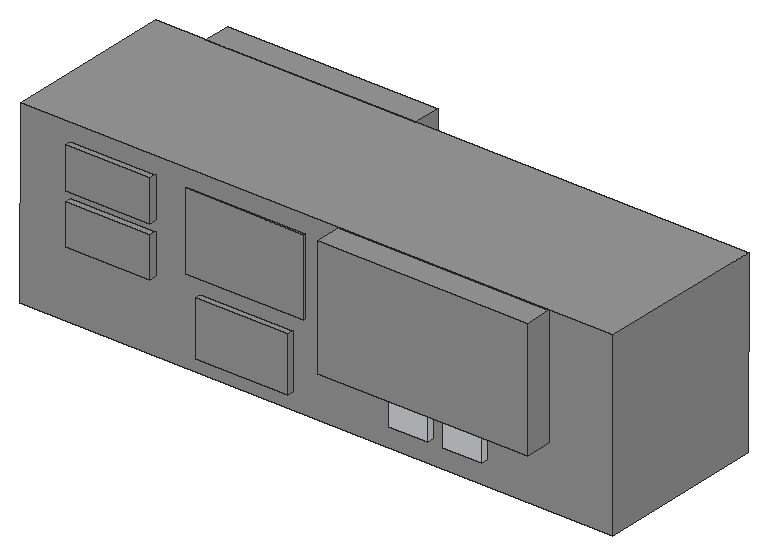
Revit family "ElectronicsBenchTop", category Furniture, Revit 2025
Family settings
  OmniClass Number = 23.40.20.00
  OmniClass Title = General Furniture and Specialties
  Work Plane-Based = No
  Enable Cutting in Views = No
  Always vertical = Yes
  Cut with Voids When Loaded = No
  Render Appearance Source = Family Geometry
  Shared = No
  Room Calculation Point = No
Parameters
  Default Elevation = 0 mm
Reference planes
  plane 1 "Front Face": y = -255.942
  plane 2: z = 0
  plane 3 "Center (Left/Right)": x = 0
  plane 4: x = 1750
  plane 5: x = 150
  plane 6: x = 400
  plane 7: x = 492
  plane 8: x = 535
  plane 9: x = 805
  plane 10: x = 842
  plane 11: x = 942
  plane 12: x = 1562
  plane 13 "Centreline": y = -5.942
  plane 14: z = 0
  plane 15 "Top": z = 530
  plane 16: y = 244.058
Forms (mm)
  Extrusion 1, solid, material "Plywood, Side, 7 Ply"
    sketch origin (829.616, -5.942, 120.888) x (1, 0, 0) y (0, 0, 1)
      loop
        line (-829.616, -120.888) -> (920.384, -120.888) -> (920.384, 409.112) -> (-829.616, 409.112) -> (-829.616, -120.888)
    from -250 to 250
  Extrusion 2, solid, material "Asphalt, Bitumen"
    sketch origin (-0.384, -5.942, 0) x (1, 0, 0) y (0, 0, 1)
      loop
        line (942, 530) -> (942, 180) -> (1562, 180) -> (1562, 530) -> (942, 530)
    from 250 to 330
  Extrusion 3, solid, material "Asphalt, Bitumen"
    sketch origin (-0.384, -5.942, 0) x (1, 0, 0) y (0, 0, 1)
      loop
        line (842, 480) -> (492, 480) -> (492, 253) -> (842, 253) -> (842, 480)
    from 150 to 255
  Extrusion 4, solid, material "Plastic, Formed"
    sketch origin (-0.384, -5.942, 0) x (1, 0, 0) y (0, 0, 1)
      loop
        line (535, 210) -> (535, 50) -> (805, 50) -> (805, 210) -> (535, 210)
    from -35.942 to 270
  Extrusion 5, solid, material "Plastic, Formed"
    sketch origin (-0.384, -5.942, 0) x (1, 0, 0) y (0, 0, 1)
      loop
        line (150, 480) -> (150, 360) -> (400, 360) -> (400, 480) -> (150, 480)
      loop
        line (150, 330) -> (150, 210) -> (400, 210) -> (400, 330) -> (150, 330)
    from 0 to 270
  Extrusion 6, solid, material "Asphalt, Bitumen"
    sketch origin (1710.436, -5.942, 0) x (-1, 0, 0) y (0, 0, 1)
      loop
        line (942, 530) -> (942, 180) -> (1562, 180) -> (1562, 530) -> (942, 530)
    from 250 to 330
  Extrusion 7, solid, material "Asphalt, Bitumen"
    sketch origin (1710.436, -5.942, 0) x (-1, 0, 0) y (0, 0, 1)
      loop
        line (842, 480) -> (492, 480) -> (492, 253) -> (842, 253) -> (842, 480)
    from 150 to 255
  Extrusion 8, solid, material "Plastic, Formed"
    sketch origin (1710.436, -5.942, 0) x (-1, 0, 0) y (0, 0, 1)
      loop
        line (535, 210) -> (535, 50) -> (805, 50) -> (805, 210) -> (535, 210)
    from -35.942 to 270
  Extrusion 9, solid, material "Plastic, Formed"
    sketch origin (1710.436, -5.942, 0) x (-1, 0, 0) y (0, 0, 1)
      loop
        line (150, 480) -> (150, 360) -> (400, 360) -> (400, 480) -> (150, 480)
      loop
        line (150, 330) -> (150, 210) -> (400, 210) -> (400, 330) -> (150, 330)
    from 0 to 270
  Extrusion 10, solid
    sketch origin (97.34, -175.942, 567.771) x (1, 0, 0) y (0, 0, 1)
      loop
        line (1166.781, -422.24) -> (1166.781, -497.24) -> (1281.781, -497.24) -> (1281.781, -422.24) -> (1166.781, -422.24)
    from 0 to 100
  Extrusion 11, void
    sketch origin (-242.88, -275.942, 571.553) x (1, 0, 0) y (0, 0, 1)
      loop
        circle (1535.231, -463.13) r 15
      loop
        circle (1594.387, -462.957) r 15
    from 0 to 5
  Extrusion 12, solid
    sketch origin (-62.66, -175.942, 567.771) x (1, 0, 0) y (0, 0, 1)
      loop
        line (1166.781, -422.24) -> (1166.781, -497.24) -> (1281.781, -497.24) -> (1281.781, -422.24) -> (1166.781, -422.24)
    from 0 to 100
  Extrusion 13, void
    sketch origin (-402.88, -275.942, 571.553) x (1, 0, 0) y (0, 0, 1)
      loop
        circle (1535.231, -463.13) r 15
      loop
        circle (1594.387, -462.957) r 15
    from 0 to 5
  Extrusion 14, solid, not visible
    sketch origin (340.219, 0, -4.515) x (1, 0, 0) y (0, 0, 1)
      loop
        line (1166.781, -422.24) -> (1166.781, -497.24) -> (1281.781, -497.24) -> (1281.781, -422.24) -> (1166.781, -422.24)
    from 0 to 100
  Extrusion 15, void, not visible
    sketch origin (0, 0, -0.733) x (1, 0, 0) y (0, 0, 1)
      loop
        circle (1535.231, -463.13) r 15
      loop
        circle (1594.387, -462.957) r 15
    from 0 to 5
  Extrusion 16, solid, not visible
    sketch origin (180.219, 0, -4.515) x (1, 0, 0) y (0, 0, 1)
      loop
        line (1166.781, -422.24) -> (1166.781, -497.24) -> (1281.781, -497.24) -> (1281.781, -422.24) -> (1166.781, -422.24)
    from 0 to 100
  Extrusion 17, void, not visible
    sketch origin (-160, 0, -0.733) x (1, 0, 0) y (0, 0, 1)
      loop
        circle (1535.231, -463.13) r 15
      loop
        circle (1594.387, -462.957) r 15
    from 0 to 5
  Extrusion 18, solid
    sketch origin (1584.862, 164.058, 567.771) x (-1, 0, 0) y (0, 0, 1)
      loop
        line (1166.781, -422.24) -> (1166.781, -497.24) -> (1281.781, -497.24) -> (1281.781, -422.24) -> (1166.781, -422.24)
    from 0 to 100
  Extrusion 19, void
    sketch origin (1925.082, 264.058, 571.553) x (-1, 0, 0) y (0, 0, 1)
      loop
        circle (1535.231, -463.13) r 15
      loop
        circle (1594.387, -462.957) r 15
    from 0 to 5
  Extrusion 20, solid
    sketch origin (1744.862, 164.058, 567.771) x (-1, 0, 0) y (0, 0, 1)
      loop
        line (1166.781, -422.24) -> (1166.781, -497.24) -> (1281.781, -497.24) -> (1281.781, -422.24) -> (1166.781, -422.24)
    from 0 to 100
  Extrusion 21, void
    sketch origin (2085.082, 264.058, 571.553) x (-1, 0, 0) y (0, 0, 1)
      loop
        circle (1535.231, -463.13) r 15
      loop
        circle (1594.387, -462.957) r 15
    from 0 to 5
  Extrusion 22, solid, not visible
    sketch origin (97.34, 80, 567.327) x (1, 0, 0) y (0, 0, 1)
      loop
        line (1166.781, -422.24) -> (1166.781, -497.24) -> (1281.781, -497.24) -> (1281.781, -422.24) -> (1166.781, -422.24)
    from 0 to 100
  Extrusion 23, void, not visible
    sketch origin (-242.88, -20, 571.109) x (1, 0, 0) y (0, 0, 1)
      loop
        circle (1535.231, -463.13) r 15
      loop
        circle (1594.387, -462.957) r 15
    from 0 to 5
  Extrusion 24, solid, not visible
    sketch origin (-62.66, 80, 567.327) x (1, 0, 0) y (0, 0, 1)
      loop
        line (1166.781, -422.24) -> (1166.781, -497.24) -> (1281.781, -497.24) -> (1281.781, -422.24) -> (1166.781, -422.24)
    from 0 to 100
  Extrusion 25, void, not visible
    sketch origin (-402.88, -20, 571.109) x (1, 0, 0) y (0, 0, 1)
      loop
        circle (1535.231, -463.13) r 15
      loop
        circle (1594.387, -462.957) r 15
    from 0 to 5
  Extrusion 26, solid, material "Plywood, Side, 7 Ply", not visible
    sketch origin (829.616, -1903.81, 1413.477) x (1, 0, 0) y (0, 0, 1)
      loop
        line (-829.616, -130.888) -> (920.384, -130.888) -> (920.384, 399.112) -> (-829.616, 399.112) -> (-829.616, -130.888)
    from -350 to 250
  Extrusion 27, solid, material "Asphalt, Bitumen", not visible
    sketch origin (-0.384, -1903.81, 1272.588) x (1, 0, 0) y (0, 0, 1)
      loop
        line (942, 530) -> (942, 180) -> (1562, 180) -> (1562, 530) -> (942, 530)
    from 250 to 330
  Extrusion 28, solid, material "Asphalt, Bitumen", not visible
    sketch origin (-0.384, -1903.81, 1272.588) x (1, 0, 0) y (0, 0, 1)
      loop
        line (842, 480) -> (492, 480) -> (492, 253) -> (842, 253) -> (842, 480)
    from 150 to 255
  Extrusion 29, solid, material "Plastic, Formed", not visible
    sketch origin (-0.384, -1903.81, 1272.588) x (1, 0, 0) y (0, 0, 1)
      loop
        line (535, 210) -> (535, 50) -> (805, 50) -> (805, 210) -> (535, 210)
    from -35.942 to 270
  Extrusion 30, solid, material "Plastic, Formed", not visible
    sketch origin (-0.384, -1903.81, 1272.588) x (1, 0, 0) y (0, 0, 1)
      loop
        line (150, 480) -> (150, 360) -> (400, 360) -> (400, 480) -> (150, 480)
      loop
        line (150, 330) -> (150, 210) -> (400, 210) -> (400, 330) -> (150, 330)
    from 0 to 270
  Extrusion 31, solid, material "Asphalt, Bitumen", not visible
    sketch origin (1710.436, -1803.81, 1272.588) x (-1, 0, 0) y (0, 0, 1)
      loop
        line (942, 530) -> (942, 180) -> (1562, 180) -> (1562, 530) -> (942, 530)
    from 250 to 330
  Extrusion 32, solid, material "Asphalt, Bitumen", not visible
    sketch origin (1710.436, -1803.81, 1272.588) x (-1, 0, 0) y (0, 0, 1)
      loop
        line (842, 480) -> (492, 480) -> (492, 253) -> (842, 253) -> (842, 480)
    from 150 to 255
  Extrusion 33, solid, material "Plastic, Formed", not visible
    sketch origin (1710.436, -1803.81, 1272.588) x (-1, 0, 0) y (0, 0, 1)
      loop
        line (535, 210) -> (535, 50) -> (805, 50) -> (805, 210) -> (535, 210)
    from -35.942 to 270
  Extrusion 34, solid, material "Plastic, Formed", not visible
    sketch origin (1710.436, -1803.81, 1272.588) x (-1, 0, 0) y (0, 0, 1)
      loop
        line (150, 480) -> (150, 360) -> (400, 360) -> (400, 480) -> (150, 480)
      loop
        line (150, 330) -> (150, 210) -> (400, 210) -> (400, 330) -> (150, 330)
    from 0 to 270
  Extrusion 35, solid, not visible
    sketch origin (97.34, -2073.81, 1840.359) x (1, 0, 0) y (0, 0, 1)
      loop
        line (1166.781, -422.24) -> (1166.781, -497.24) -> (1281.781, -497.24) -> (1281.781, -422.24) -> (1166.781, -422.24)
    from 0 to 100
  Extrusion 36, void, not visible
    sketch origin (-242.88, -2173.81, 1844.141) x (1, 0, 0) y (0, 0, 1)
      loop
        circle (1535.231, -463.13) r 15
      loop
        circle (1594.387, -462.957) r 15
    from 0 to 5
  Extrusion 37, solid, not visible
    sketch origin (-62.66, -2073.81, 1840.359) x (1, 0, 0) y (0, 0, 1)
      loop
        line (1166.781, -422.24) -> (1166.781, -497.24) -> (1281.781, -497.24) -> (1281.781, -422.24) -> (1166.781, -422.24)
    from 0 to 100
  Extrusion 38, void, not visible
    sketch origin (-402.88, -2173.81, 1844.141) x (1, 0, 0) y (0, 0, 1)
      loop
        circle (1535.231, -463.13) r 15
      loop
        circle (1594.387, -462.957) r 15
    from 0 to 5
  Extrusion 39, solid, not visible
    sketch origin (1584.862, -1633.81, 1840.359) x (-1, 0, 0) y (0, 0, 1)
      loop
        line (1166.781, -422.24) -> (1166.781, -497.24) -> (1281.781, -497.24) -> (1281.781, -422.24) -> (1166.781, -422.24)
    from 0 to 100
  Extrusion 40, void, not visible
    sketch origin (1925.082, -1533.81, 1844.141) x (-1, 0, 0) y (0, 0, 1)
      loop
        circle (1535.231, -463.13) r 15
      loop
        circle (1594.387, -462.957) r 15
    from 0 to 5
  Extrusion 41, solid, not visible
    sketch origin (1744.862, -1633.81, 1840.359) x (-1, 0, 0) y (0, 0, 1)
      loop
        line (1166.781, -422.24) -> (1166.781, -497.24) -> (1281.781, -497.24) -> (1281.781, -422.24) -> (1166.781, -422.24)
    from 0 to 100
  Extrusion 42, void, not visible
    sketch origin (2085.082, -1533.81, 1844.141) x (-1, 0, 0) y (0, 0, 1)
      loop
        circle (1535.231, -463.13) r 15
      loop
        circle (1594.387, -462.957) r 15
    from 0 to 5
Cuts and joins
  Extrusion 11, Extrusion 13, Extrusion 19 cuts Extrusion 10
  Extrusion 13, Extrusion 21 cuts Extrusion 12
  Extrusion 19 cuts Extrusion 18
  Extrusion 21 cuts Extrusion 20
Dimensions and locks
  plane 3 "Center (Left/Right)" to Extrusion 1 = 1750 mm
  locked: plane 13 "Centreline" to plane 1 "Front Face" at 250
  locked: plane 13 "Centreline" to plane 16 at 250
  locked: plane 1 "Front Face" to Extrusion 2
  locked: plane 16 to Extrusion 6
  locked: Extrusion 1 to level at 530
  aligned and locked: level to plane 2
